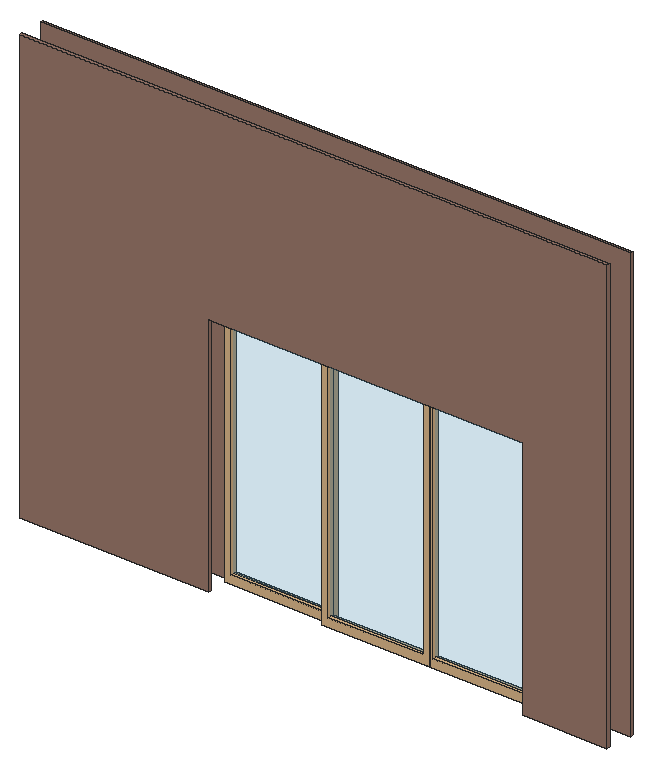
Revit family "Sliding-3 panel", category Portes, Revit 2015
Parameters (values of type "72" x 84"")
  Visual Light Transmittance = 0
  Résistance thermique (R) = 1.5338 (h·ft²·°F)/BTU
  Epaisseur = 0' - 2"
  Solar Heat Gain Coefficient = 0
  ID de type de construction = "MDOOR"
  Coefficient de transfert de chaleur (U) = 0.6520 BTU/(h·ft²·°F)
  Fonction = Intérieur
  Code d'assemblage = "C1020"
  Door Material = Door - Panel
  Frame Material = Door - Frame
  Height = 7' - 0"
  Rail Width = 0' - 3"
  Stile Width = 0' - 2"
  Trim Projection Ext = 0' - 1"
  Trim Projection Int = 0' - 1"
  Trim Width = 5' - 5"
  Fermeture du mur = Par hôte
  Width = 6' - 0"
  Construction analytique = "Metal"
Types (6): name | Height | Rail Width | Trim Width | Width
  72" x 84" | 7' - 0" | 0' - 3" | 5' - 5" | 6' - 0"
  68" x 80" | 6' - 8" | 0' - 2" | 0' - 3" | 5' - 8"
  68" x 84" | 7' - 0" | 0' - 2" | 0' - 3" | 5' - 8"
  72" x 78" | 6' - 6" | 0' - 2" | 0' - 3" | 6' - 0"
  72" x 82" | 6' - 10" | 0' - 2" | 0' - 3" | 6' - 0"
  108" x 84" 2 | 7' - 0" | 0' - 3" | 0' - 3" | 6' - 0"
Reference planes (in)
  plane 1: z = 0
  plane 2: x = 0
  plane 3: x = -36
  plane 4: x = 36
  plane 5: z = 84
  plane 6: y = 9
  plane 7: y = 1
  plane 8: y = 7
  plane 9: y = 5
  plane 10: y = 8
  plane 11: y = 6
  plane 12: y = 6.125
  plane 13: y = 5.875
  plane 14: y = 8.125
  plane 15: y = 7.875
  plane 16 "PORTE 3": x = 72
Forms (in)
  Extrusion 1, solid, material "Door - Frame" <- "Frame Material"
    sketch origin (-60, 9, 0) x (-1, 0, 0) y (0, 0, 1)
      loop
        line (-161.75905, 0) -> (-131.75905, 0) -> (-131.75905, 84) -> (-24, 84) -> (-24, 0) -> (41, 0) -> (41, 149) -> (-161.75905, 149) -> (-161.75905, 0)
    from 0 to 1
  Extrusion 2, solid, material "Door - Frame" <- "Frame Material"
    sketch origin (0, 1, 0) x (0, 0, -1) y (-1, 0, 0)
      loop
        line (0, 36) -> (0, 101) -> (-149, 101) -> (-149, -101) -> (0, -101) -> (0, -72) -> (-84, -72) -> (-84, 36) -> (0, 36)
    from 0 to -1
  Extrusion 3, solid, material "Door - Panel" <- "Door Material"
    sketch origin (-60, 9, 0) x (-1, 0, 0) y (0, 0, 1)
      loop
        line (-24, 84) -> (-61, 84) -> (-61, 0) -> (-24, 0) -> (-24, 84)
      loop
        line (-26, 81) -> (-59, 81) -> (-59, 3) -> (-26, 3) -> (-26, 81)
    from -2 to 0
  Extrusion 4, solid, material "Glass"
    sketch origin (-60, 9, 0) x (-1, 0, 0) y (0, 0, 1)
      loop
        line (-59, 81) -> (-59, 3) -> (-26, 3) -> (-26, 81) -> (-59, 81)
    from -1.125 to -0.875
  Extrusion 5, solid, material "Door - Panel" <- "Door Material"
    sketch origin (-60, 9, 0) x (-1, 0, 0) y (0, 0, 1)
      loop
        line (-96, 84) -> (-96, 0) -> (-59, 0) -> (-59, 84) -> (-96, 84)
      loop
        line (-94, 81) -> (-94, 3) -> (-61, 3) -> (-61, 81) -> (-94, 81)
    from -4 to -2
  Extrusion 6, solid, material "Glass"
    sketch origin (-60, 9, 0) x (-1, 0, 0) y (0, 0, 1)
      loop
        line (-94, 81) -> (-94, 3) -> (-61, 3) -> (-61, 81) -> (-94, 81)
    from -3.125 to -2.875
  Extrusion 7, solid, material "Door - Panel" <- "Door Material"
    sketch origin (-24, 9, 0) x (-1, 0, 0) y (0, 0, 1)
      loop
        line (-96, 84) -> (-96, 0) -> (-59, 0) -> (-59, 84) -> (-96, 84)
      loop
        line (-94, 81) -> (-94, 3) -> (-61, 3) -> (-61, 81) -> (-94, 81)
    from -4 to -2
  Extrusion 8, solid, material "Glass"
    sketch origin (-24, 9, 0) x (-1, 0, 0) y (0, 0, 1)
      loop
        line (-94, 81) -> (-94, 3) -> (-61, 3) -> (-61, 81) -> (-94, 81)
    from -3.125 to -2.875
Lines and regions (in)
  Opening 1
    outline origin (-60, 1, 144) x (0, 0, -1) y (1, 0, 0)
      loop
        line (60, 96) -> (60, 24) -> (144, 24) -> (144, 96) -> (60, 96)
  symbolic lines, style "DoorsGlassProjection"
    curve 1: line (-34, 8, 0) -> (-1, 8, 0)
    curve 18: line (1, 6, 0) -> (34, 6, 0)
  symbolic lines, style "DoorsFrameMullionProjection"
    curve 2: line (34, 7, 0) -> (36, 7, 0)
    curve 3: line (34, 7, 0) -> (34, 5, 0)
    curve 4: line (34, 5, 0) -> (36, 5, 0)
    curve 5: line (36, 7, 0) -> (36, 5, 0)
    curve 6: line (-1, 9, 0) -> (1, 9, 0)
    curve 7: line (-1, 9, 0) -> (-1, 7, 0)
    curve 8: line (-1, 7, 0) -> (1, 7, 0)
    curve 9: line (1, 9, 0) -> (1, 7, 0)
    curve 10: line (-1, 7, 0) -> (1, 7, 0)
    curve 11: line (-1, 7, 0) -> (-1, 5, 0)
    curve 12: line (-1, 5, 0) -> (1, 5, 0)
    curve 13: line (1, 7, 0) -> (1, 5, 0)
    curve 14: line (-36, 9, 0) -> (-34, 9, 0)
    curve 15: line (-36, 9, 0) -> (-36, 7, 0)
    curve 16: line (-36, 7, 0) -> (-34, 7, 0)
    curve 17: line (-34, 9, 0) -> (-34, 7, 0)
Text (in)
  text "Exterior" at (-68.33502, 21.89683, 0), in view "Ground floor"
  text "Exterior" at (0, 35.48876, 116.93956), in view "Left"
Dimensions and locks (in)
  equal spacing: plane 3, plane 2, plane 4
  "Width": plane 3 to plane 4
  "Height": plane 1 to plane 5
  "Trim Width": plane 5 to Extrusion 1 sketch curve
  "Trim Width": plane 3 to Extrusion 1 sketch curve
  "Trim Projection Int": plane 7 to Extrusion 2
  "Trim Projection Ext": Extrusion 1 to Extrusion 1
  "Trim Width": Extrusion 2 sketch curve to plane 3
  "Trim Width": plane 4 to Extrusion 2 sketch curve
  "Trim Width": Extrusion 2 sketch curve to plane 5
  "Rail Width": Extrusion 3 sketch curve to plane 5
  "Rail Width": plane 1 to Extrusion 3 sketch curve
  "Stile Width": Extrusion 3 sketch curve to Extrusion 3 sketch curve  (x2)
  Extrusion 3 sketch curve to plane 2 = 0' - 1"
  "Epaisseur": plane 8 to plane 6
  "Epaisseur": plane 9 to plane 8
  equal spacing: plane 8, plane 10, plane 6
  equal spacing: plane 9, plane 11, plane 8
  plane 12 to plane 11 to plane 13 = 0' - 0 1/8" locked, 0' - 0 1/8" locked
  plane 14 to plane 10 to plane 15 = 0' - 0 1/8" locked, 0' - 0 1/8" locked
  locked: plane 2 to Extrusion 5 sketch curve at 1
  "Stile Width": Extrusion 5 sketch curve to Extrusion 5 sketch curve
  "Rail Width": plane 1 to Extrusion 5 sketch curve
  "Rail Width": Extrusion 5 sketch curve to plane 5
  "Stile Width": Extrusion 5 sketch curve to plane 4
  plane 3 to plane 2 to plane 4 to plane 16 "PORTE 3" = 3' - 0", 3' - 0", 3' - 0"
  "Stile Width": Extrusion 7 sketch curve to Extrusion 7 sketch curve
  aligned and locked: Opening 1 sketch curve to plane 5
  aligned and locked: Opening 1 sketch curve to plane 3
  aligned and locked: plane 4 to Opening 1 sketch curve
  aligned and locked: host wall to plane 6
  aligned and locked: plane 7 to host wall
  aligned and locked: host wall to Extrusion 3
  aligned and locked: curve 16 to Extrusion 3
  aligned and locked: plane 8 to Extrusion 3
  aligned and locked: plane 8 to curve 2
  aligned and locked: plane 9 to curve 4
  aligned and locked: curve 14 to host wall
  aligned and locked: curve 17 to Extrusion 3
  aligned and locked: plane 9 to curve 12
  aligned and locked: curve 9 to Extrusion 3
  aligned and locked: plane 6 to curve 6
  aligned and locked: curve 1 to plane 10
  aligned and locked: Extrusion 3 to Extrusion 4 sketch curve  (x2)
  aligned and locked: Extrusion 4 sketch curve to Extrusion 3  (x2)
  aligned and locked: Extrusion 4 to plane 15
  aligned and locked: Extrusion 4 to plane 14
  aligned and locked: plane 5 to Extrusion 5 sketch curve
  aligned and locked: plane 4 to Extrusion 5 sketch curve
  aligned and locked: plane 1 to Extrusion 5 sketch curve
  aligned and locked: plane 9 to Extrusion 5
  aligned and locked: Extrusion 5 to plane 8
  aligned and locked: Extrusion 5 to Extrusion 6 sketch curve  (x2)
  aligned and locked: Extrusion 6 sketch curve to Extrusion 5
  aligned and locked: Extrusion 3 to Extrusion 6 sketch curve
  aligned and locked: Extrusion 6 to plane 13
  aligned and locked: plane 12 to Extrusion 6
Automatic sketch dimensions
  curve 16 to plane 3 = 0' - 0"
  plane 8 to curve 7 = 0' - 0"
  plane 11 to curve 18 = 0' - 0"
  curve 4 to plane 4 = 0' - 0"
  curve 6 to plane 2 = 0' - 1"
  plane 4 to curve 2 = 0' - 2"
  curve 18 to curve 8 = 0' - 0"
  curve 18 to curve 2 = 0' - 0"
  Opening 1 sketch curve to level = 0' - 0"
  Extrusion 1 sketch curve to level = 0' - 0"  (x2)
  Extrusion 1 sketch curve to plane 5 = 0' - 0"
  plane 3 to Extrusion 1 sketch curve = 0' - 0"
  plane 16 "PORTE 3" to Extrusion 1 sketch curve = 0' - 0.24095"
  Extrusion 1 sketch curve to plane 16 "PORTE 3" = 2' - 5.75905"
  Extrusion 2 sketch curve to plane 5 = 0' - 0"
  Extrusion 2 sketch curve to level = 0' - 0"  (x2)
  plane 16 "PORTE 3" to Extrusion 2 sketch curve = 0' - 0"
  plane 3 to Extrusion 2 sketch curve = 0' - 0"
  plane 3 to Extrusion 3 sketch curve = 0' - 0"
  Extrusion 3 sketch curve to level = 0' - 0"
  Extrusion 3 sketch curve to plane 5 = 0' - 0"
  Extrusion 7 sketch curve to level = 0' - 0"
  plane 16 "PORTE 3" to Extrusion 7 sketch curve = 0' - 0"
  Extrusion 7 sketch curve to plane 5 = 0' - 0"
  plane 16 "PORTE 3" to Extrusion 7 sketch curve = 0' - 2"
  Extrusion 7 sketch curve to plane 4 = 0' - 1"
  level to Extrusion 7 sketch curve = 0' - 3"
  plane 5 to Extrusion 7 sketch curve = 0' - 3"
  plane 16 "PORTE 3" to Extrusion 8 sketch curve = 0' - 2"
  Extrusion 8 sketch curve to plane 4 = 0' - 1"
  level to Extrusion 8 sketch curve = 0' - 3"
  plane 5 to Extrusion 8 sketch curve = 0' - 3"
